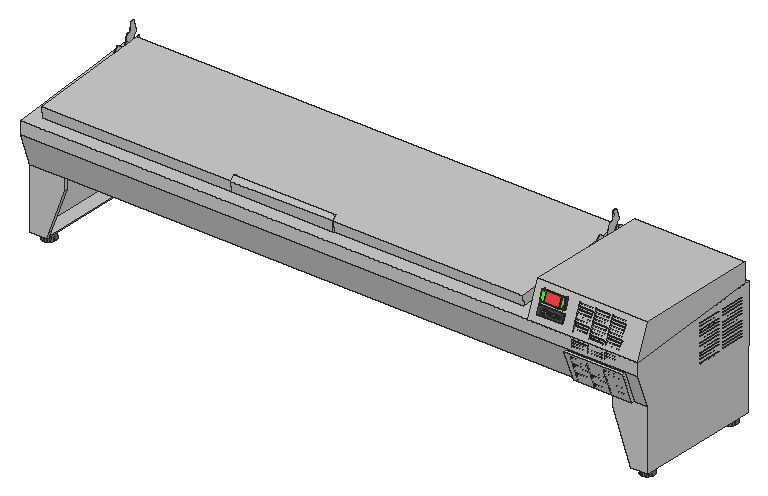
Revit family "QF_MACOM_CAB-3A", category Equipamento especial, Revit 2020
Family settings
  Cota do conector redondo = Utilizar diâmetro
  Tipo de parte = Normal
  Número OmniClass = 23.40.40.11.11.11
  Título OmniClass = Refrigerators
  Com base no plano de trabalho = Não
  Sempre na vertical = Sim
  Corte com vazios quando carregada = Não
  Compartilhado = Não
  Ponto de cálculo do ambiente = Não
Parameters (values of type "CAB-3A")
  Work Temperature = "-4 ºC to +5 ºC"
  Width = 1880 mm
  Weight = 94.00 kg
  Volume = 0.20 m³
  Volts = 220 V
  URL = "https://www.acosmacom.com.br/"
  Show Logo = yes
  Show Clearances = yes
  Refrigerent Type = "R134a"
  Refrigeration Climate Class = 4
  Operational Current = 2 A
  Modelo = "CAB-3A"
  Ingress Protection Code = "IP 22"
  Height = 440 mm
  Fabricante = "MACOM"
  Elevação padrão = 0 mm
  Electric Power = 307 W
  Electric Connection Height = 207 mm
  Descrição = "CABECOTE REFRIGERADO MACOM PARA 08 GN 1/3-100 COM 8 SUPORTES INTERNOS E PES 210MM"
  Depth = 420 mm
  Cycle = 60 Hz
Reference planes
  plane 1: z = 0
  plane 2 "Center (Left/Right)": x = 0
  plane 3: z = 203
  plane 4 "Center (Front/Back)": y = -335.5
  plane 5: z = 0
  plane 6: z = 440
  plane 7: y = -755.5
  plane 8: x = -1880
Forms (mm)
  Extrusion 1, solid, material "QF_Stainless-Polished", detail levels fine
    sketch origin (43.505, 10.214, 288.119) x (-0.000076, -0.367637, -0.92997) y (0, -0.92997, 0.367637)
      loop
        line (211.529, 699.088) -> (212.21, 700.425) -> (184.926, 714.326) -> (169.035, 709.163) -> (169.035, 708.274)
        arc (169.035, 708.274) -> (169.241, 707.87) -> (169.69, 707.799) r 0.5
        line (169.69, 707.799) -> (184.799, 712.708) -> (211.529, 699.088)
    from 999.901 to 1310
  Extrusion 2, solid, material "QF_Stainless-Polished", detail levels fine
    sketch origin (-1631.364, -718.444, -170.766) x (0.000076, 0.996195, 0.087156) y (-0.000007, -0.087156, 0.996195)
      loop
        line (418.717, 518.851) -> (418.717, 546.156)
        arc (418.717, 546.156) -> (418.524, 546.624) -> (418.056, 546.817) r 0.661
        line (418.056, 546.817) -> (415.226, 546.817)
        arc (415.226, 546.817) -> (410.624, 544.911) -> (408.717, 540.308) r 6.509
        line (408.717, 540.308) -> (408.717, 533.751)
        arc (408.717, 533.751) -> (403.717, 528.751) -> (398.717, 533.751) r 5
        line (398.717, 533.751) -> (398.449, 536.166)
        arc (398.449, 536.166) -> (397.284, 537.818) -> (395.266, 537.716) r 2.094
        arc (395.266, 537.716) -> (388.299, 539.052) -> (389.047, 546.106) r 5.24
        line (389.047, 546.106) -> (408.496, 565.555)
        arc (408.496, 565.555) -> (408.869, 566.165) -> (408.923, 566.879) r 1.525
        line (408.923, 566.879) -> (404.116, 596.307)
        arc (404.116, 596.307) -> (403.128, 598.057) -> (401.241, 598.751) r 2.913
        line (401.241, 598.751) -> (396.905, 598.751)
        arc (396.905, 598.751) -> (393.694, 597.584) -> (391.982, 594.628) r 5
        line (391.982, 594.628) -> (388.808, 576.817)
        arc (388.808, 576.817) -> (385.226, 571.904) -> (379.518, 574) r 5.047
        arc (379.518, 574) -> (378.287, 574.592) -> (377.2, 573.764) r 1.308
        line (377.2, 573.764) -> (361.717, 533.751)
        arc (361.717, 533.751) -> (356.717, 528.751) -> (351.717, 533.751) r 5
        line (351.717, 533.751) -> (351.717, 540.467)
        arc (351.717, 540.467) -> (350.195, 548.12) -> (345.859, 554.609) r 20
        line (345.859, 554.609) -> (341.119, 559.349)
        arc (341.119, 559.349) -> (339.068, 560.199) -> (337.017, 559.349) r 2.901
        line (337.017, 559.349) -> (310.545, 532.878)
        arc (310.545, 532.878) -> (309.192, 530.853) -> (308.717, 528.464) r 6.242
        line (308.717, 528.464) -> (308.717, 518.026) -> (418.717, 518.851)
    from -213.723 to -212.223
  Extrusion 3, solid, material "QF_Stainless-Polished", detail levels fine
    sketch origin (-0.495, 10.164, 287.985) x (-0.000076, -0.367637, -0.92997) y (0, -0.92997, 0.367637)
      loop
        circle (28.973, 391.913) r 4.549
      loop
        circle (52.084, 431.707) r 3.299
    from 1840.5 to 1845.959
  Extrusion 4, solid, material "QF_Stainless-Polished", detail levels fine
    sketch origin (1466.963, 10.174, 288.018) x (-0.000076, -0.367637, -0.92997) y (0, -0.92997, 0.367637)
      loop
        circle (28.973, 391.913) r 4.549
      loop
        circle (52.084, 431.707) r 3.299
    from 1840.5 to 1845.959
  Extrusion 5, solid, material "QF_Stainless-Polished", detail levels fine
    sketch origin (-163.29, -718.409, -170.763) x (0.000076, 0.996195, 0.087156) y (-0.000007, -0.087156, 0.996195)
      loop
        line (308.571, 518.102) -> (418.894, 518.86) -> (418.707, 546.12)
        arc (418.707, 546.12) -> (418.443, 546.625) -> (417.91, 546.827) r 0.803
        line (417.91, 546.827) -> (415.08, 546.827)
        arc (415.08, 546.827) -> (410.477, 544.921) -> (408.571, 540.318) r 6.509
        line (408.571, 540.318) -> (408.571, 533.761)
        arc (408.571, 533.761) -> (403.571, 529.285) -> (398.571, 533.761) r 5.031
        line (398.571, 533.761) -> (398.302, 536.176)
        arc (398.302, 536.176) -> (397.106, 537.762) -> (395.119, 537.725) r 2.187
        arc (395.119, 537.725) -> (388.392, 539.239) -> (388.9, 546.115) r 5.279
        line (388.9, 546.115) -> (408.349, 565.564)
        arc (408.349, 565.564) -> (408.723, 566.175) -> (408.776, 566.889) r 1.525
        line (408.776, 566.889) -> (403.97, 596.317)
        arc (403.97, 596.317) -> (402.981, 598.067) -> (401.095, 598.761) r 2.913
        line (401.095, 598.761) -> (396.758, 598.761)
        arc (396.758, 598.761) -> (393.646, 597.541) -> (391.995, 594.635) r 5.007
        line (391.995, 594.635) -> (388.827, 576.863)
        arc (388.827, 576.863) -> (385.153, 571.944) -> (379.372, 574.01) r 5.166
        arc (379.372, 574.01) -> (378.175, 574.565) -> (377.13, 573.76) r 1.272
        line (377.13, 573.76) -> (361.716, 533.924)
        arc (361.716, 533.924) -> (356.679, 528.886) -> (351.641, 533.924) r 5.038
        line (351.641, 533.924) -> (351.641, 540.406)
        arc (351.641, 540.406) -> (350.119, 548.058) -> (345.785, 554.546) r 19.999
        line (345.785, 554.546) -> (340.973, 559.359)
        arc (340.973, 559.359) -> (338.922, 560.209) -> (336.87, 559.359) r 2.901
        line (336.87, 559.359) -> (310.399, 532.888)
        arc (310.399, 532.888) -> (309.046, 530.863) -> (308.571, 528.474) r 6.242
        line (308.571, 528.474) -> (308.571, 518.102)
    from -213.723 to -212.223
  Extrusion 6, solid, material "QF_Metal_Stainless Steel-Polished"
    sketch origin (0, 0, 0) x (0, 1, 0) y (0, 0, 1)
      loop
        line (-717.995, 23.655) -> (-335.5, 23.655) -> (-335.5, 383.654) -> (-755.5, 344) -> (-755.5, 304.907) -> (-717.995, 207.655) -> (-717.995, 23.655)
    from 0 to -1880
  Extrusion 7, void
    sketch origin (0, -717.995, 207.655) x (0, 0, 1) y (1, 0, 0)
      loop
        line (-184, -1829.984) -> (-35.759, -1774.894) -> (0, -1774.894) -> (0, -105.495) -> (-36.078, -105.495) -> (-184, -50.524) -> (-184, -1829.984)
    from 0 to 382.495
  Extrusion 8, void
    sketch origin (0, 0, 0) x (0, 1, 0) y (0, 0, 1)
      loop
        line (-340.493, 25.155) -> (-340.493, 207.655) -> (-710.144, 207.655) -> (-710.144, 25.155) -> (-340.493, 25.155)
    from -5.51 to -1874.51
  Extrusion 9, solid, material "QF_Metal_Stainless Steel-Polished"
    sketch origin (0, 0, 0) x (0, 1, 0) y (0, 0, 1)
      loop
        line (-349.118, 440) -> (-717.975, 440) -> (-755.5, 344) -> (-349.118, 382.368) -> (-349.118, 440)
    from 0 to -336.011
  Extrusion 10, solid, material "QF_Metal_Stainless Steel-Polished"
    sketch origin (-1880, 136.861, 596.979) x (0, -0.367637, -0.92997) y (0, -0.92997, 0.367637)
      loop
        line (380.407, 379.929) -> (545.206, 703.364) -> (518.567, 716.938) -> (353.768, 393.502) -> (380.407, 379.929)
    from -38.507 to -1500.996
  Extrusion 11, void
    sketch origin (-1841.493, 136.861, 596.979) x (0, 0.367637, 0.92997) y (0, -0.92997, 0.367637)
      loop
        line (-384.947, 388.839) -> (-383.702, 389.474) -> (-377.352, 392.709) -> (-533.07, 698.324) -> (-539.42, 695.089) -> (-540.666, 694.454) -> (-384.947, 388.839)
    from 9.999 to 1451.999
  Extrusion 12, void
    sketch origin (0, 0, 0) x (0, -1, 0) y (0, 0, 1)
      loop
        line (525.652, 351.176) -> (445.651, 351.176) -> (445.651, 346.176) -> (525.652, 346.176) -> (525.652, 351.176)
      loop
        line (525.651, 342.176) -> (445.652, 342.176) -> (445.652, 337.176) -> (525.651, 337.176) -> (525.651, 342.176)
      loop
        line (525.652, 333.176) -> (445.652, 333.176) -> (445.652, 328.176) -> (525.652, 328.176) -> (525.652, 333.176)
      loop
        line (525.651, 324.176) -> (445.651, 324.176) -> (445.651, 319.176) -> (525.651, 319.176) -> (525.651, 324.176)
      loop
        line (525.651, 315.176) -> (445.652, 315.176) -> (445.652, 310.176) -> (525.651, 310.176) -> (525.651, 315.176)
      loop
        line (525.652, 306.176) -> (445.651, 306.176) -> (445.651, 301.176) -> (525.652, 301.176) -> (525.652, 306.176)
      loop
        line (525.651, 297.176) -> (445.651, 297.176) -> (445.651, 292.176) -> (525.651, 292.176) -> (525.651, 297.176)
      loop
        line (525.651, 288.176) -> (445.652, 288.176) -> (445.652, 283.176) -> (525.651, 283.176) -> (525.651, 288.176)
      loop
        line (525.652, 279.176) -> (445.652, 279.176) -> (445.652, 274.176) -> (525.652, 274.176) -> (525.652, 279.176)
      loop
        line (525.652, 270.176) -> (445.652, 270.176) -> (445.652, 265.176) -> (525.652, 265.176) -> (525.652, 270.176)
      loop
        line (525.651, 261.176) -> (445.651, 261.176) -> (445.651, 256.176) -> (525.651, 256.176) -> (525.651, 261.176)
      loop
        line (525.651, 252.176) -> (445.651, 252.176) -> (445.651, 247.176) -> (525.651, 247.176) -> (525.651, 252.176)
      loop
        line (525.652, 243.176) -> (445.652, 243.176) -> (445.652, 238.176) -> (525.652, 238.176) -> (525.652, 243.176)
      loop
        line (435.652, 351.176) -> (355.652, 351.176) -> (355.652, 346.176) -> (435.652, 346.176) -> (435.652, 351.176)
      loop
        line (355.652, 342.176) -> (355.652, 337.176) -> (435.651, 337.176) -> (435.651, 342.176) -> (355.652, 342.176)
      loop
        line (435.652, 333.176) -> (355.651, 333.176) -> (355.651, 328.176) -> (435.652, 328.176) -> (435.652, 333.176)
      loop
        line (435.651, 324.176) -> (355.651, 324.176) -> (355.651, 319.176) -> (435.651, 319.176) -> (435.651, 324.176)
      loop
        line (435.652, 315.176) -> (355.652, 315.176) -> (355.652, 310.176) -> (435.652, 310.176) -> (435.652, 315.176)
      loop
        line (435.652, 306.176) -> (355.652, 306.176) -> (355.652, 301.176) -> (435.652, 301.176) -> (435.652, 306.176)
      loop
        line (435.651, 297.176) -> (355.652, 297.176) -> (355.652, 292.176) -> (435.651, 292.176) -> (435.651, 297.176)
      loop
        line (435.652, 288.176) -> (355.651, 288.176) -> (355.651, 283.176) -> (435.652, 283.176) -> (435.652, 288.176)
      loop
        line (435.651, 279.176) -> (355.652, 279.176) -> (355.652, 274.176) -> (435.651, 274.176) -> (435.651, 279.176)
      loop
        line (435.651, 270.176) -> (355.652, 270.176) -> (355.652, 265.176) -> (435.651, 265.176) -> (435.651, 270.176)
      loop
        line (435.651, 261.176) -> (355.652, 261.176) -> (355.652, 256.176) -> (435.651, 256.176) -> (435.651, 261.176)
      loop
        line (355.651, 247.176) -> (435.652, 247.176) -> (435.652, 252.176) -> (355.651, 252.176) -> (355.651, 247.176)
      loop
        line (355.652, 238.176) -> (435.652, 238.176) -> (435.652, 243.176) -> (355.652, 243.176) -> (355.652, 238.176)
    from 0 to 2
  Extrusion 13, void
    sketch origin (0, -755.5, 344) x (0, -0.364063, -0.931374) y (-1, 0, 0)
      loop
        line (-86.756, 202.025) -> (-86.756, 157.025) -> (-82.755, 157.025) -> (-82.755, 202.025) -> (-86.756, 202.025)
      loop
        line (-86.968, 152.024) -> (-86.968, 107.025) -> (-82.754, 107.025) -> (-82.754, 152.024) -> (-86.968, 152.024)
      loop
        line (-86.753, 102.025) -> (-86.753, 57.025) -> (-82.752, 57.025) -> (-82.752, 102.025) -> (-86.753, 102.025)
      loop
        line (-78.97, 202.025) -> (-78.97, 157.025) -> (-74.756, 157.025) -> (-74.756, 202.025) -> (-78.97, 202.025)
      loop
        line (-78.755, 152.025) -> (-78.755, 107.025) -> (-74.754, 107.025) -> (-74.754, 152.025) -> (-78.755, 152.025)
      loop
        line (-78.754, 102.025) -> (-78.754, 57.025) -> (-74.753, 57.025) -> (-74.753, 102.025) -> (-78.754, 102.025)
      loop
        line (-70.757, 202.026) -> (-70.757, 157.025) -> (-66.756, 157.025) -> (-66.756, 202.026) -> (-70.757, 202.026)
      loop
        line (-70.969, 152.025) -> (-70.969, 107.026) -> (-66.755, 107.026) -> (-66.755, 152.025) -> (-70.969, 152.025)
      loop
        line (-70.755, 102.026) -> (-70.755, 57.026) -> (-66.754, 57.026) -> (-66.754, 102.026) -> (-70.755, 102.026)
      loop
        line (-62.971, 202.025) -> (-62.971, 157.025) -> (-58.757, 157.025) -> (-58.757, 202.025) -> (-62.971, 202.025)
      loop
        line (-62.97, 152.025) -> (-62.97, 107.025) -> (-58.756, 107.025) -> (-58.756, 152.025) -> (-62.97, 152.025)
      loop
        line (-62.755, 102.026) -> (-62.755, 57.025) -> (-58.754, 57.025) -> (-58.754, 102.026) -> (-62.755, 102.026)
      loop
        line (-54.758, 202.026) -> (-54.758, 157.025) -> (-50.758, 157.025) -> (-50.758, 202.026) -> (-54.758, 202.026)
      loop
        line (-54.757, 152.026) -> (-54.757, 107.026) -> (-50.756, 107.026) -> (-50.756, 152.026) -> (-54.757, 152.026)
      loop
        line (-54.756, 102.026) -> (-54.756, 57.025) -> (-50.755, 57.025) -> (-50.755, 102.026) -> (-54.756, 102.026)
      loop
        line (-46.759, 202.026) -> (-46.759, 157.026) -> (-42.758, 157.026) -> (-42.758, 202.026) -> (-46.759, 202.026)
      loop
        line (-46.758, 152.026) -> (-46.758, 107.026) -> (-42.757, 107.026) -> (-42.757, 152.026) -> (-46.758, 152.026)
      loop
        line (-46.756, 102.026) -> (-46.756, 57.026) -> (-42.755, 57.026) -> (-42.755, 102.026) -> (-46.756, 102.026)
      loop
        line (-38.76, 202.026) -> (-38.76, 157.026) -> (-34.759, 157.026) -> (-34.759, 202.026) -> (-38.76, 202.026)
      loop
        line (-38.758, 152.026) -> (-38.758, 107.026) -> (-34.757, 107.026) -> (-34.757, 152.026) -> (-38.758, 152.026)
      loop
        line (-38.757, 102.026) -> (-38.757, 57.026) -> (-34.756, 57.026) -> (-34.756, 102.026) -> (-38.757, 102.026)
      loop
        line (-30.76, 202.027) -> (-30.76, 157.027) -> (-26.759, 157.027) -> (-26.759, 202.027) -> (-30.76, 202.027)
      loop
        line (-30.759, 152.027) -> (-30.759, 107.026) -> (-26.758, 107.026) -> (-26.758, 152.027) -> (-30.759, 152.027)
      loop
        line (-30.758, 102.027) -> (-30.758, 57.026) -> (-26.757, 57.026) -> (-26.757, 102.027) -> (-30.758, 102.027)
      loop
        line (-22.761, 202.027) -> (-22.761, 157.026) -> (-18.76, 157.026) -> (-18.76, 202.027) -> (-22.761, 202.027)
      loop
        line (-22.759, 152.027) -> (-22.759, 107.026) -> (-18.759, 107.026) -> (-18.759, 152.027) -> (-22.759, 152.027)
      loop
        line (-22.758, 102.027) -> (-22.758, 57.026) -> (-18.757, 57.026) -> (-18.757, 102.027) -> (-22.758, 102.027)
      loop
        line (-14.761, 202.027) -> (-14.761, 157.027) -> (-10.761, 157.027) -> (-10.761, 202.027) -> (-14.761, 202.027)
      loop
        line (-14.76, 152.027) -> (-14.76, 107.027) -> (-10.759, 107.027) -> (-10.759, 152.027) -> (-14.76, 152.027)
      loop
        line (-14.759, 102.027) -> (-14.759, 57.027) -> (-10.758, 57.027) -> (-10.758, 102.027) -> (-14.759, 102.027)
    from 0 to 2
  Extrusion 14, solid, material "QF_Metal_Stainless Steel-Polished"
    sketch origin (0, 0, 0) x (0, 1, 0) y (0, 0, 1)
      loop
        line (-754.309, 301.819) -> (-762.706, 298.58) -> (-727.357, 206.916) -> (-718.959, 210.155) -> (-754.309, 301.819)
    from -218.784 to -40.784
  Extrusion 15, void
    sketch origin (0, -727.357, 206.916) x (0, 0.359817, -0.933023) y (-1, 0, 0)
      loop
        line (-11.219, 202.275) -> (-11.219, 157.275) -> (-7.221, 157.275) -> (-7.221, 202.275) -> (-11.219, 202.275)
      loop
        line (-11.22, 152.275) -> (-11.22, 107.275) -> (-7.222, 107.275) -> (-7.222, 152.275) -> (-11.22, 152.275)
      loop
        line (-11.193, 102.275) -> (-11.193, 57.275) -> (-7.195, 57.275) -> (-7.195, 102.275) -> (-11.193, 102.275)
      loop
        line (-19.192, 102.275) -> (-19.192, 57.275) -> (-15.194, 57.275) -> (-15.194, 102.275) -> (-19.192, 102.275)
      loop
        line (-27.19, 102.275) -> (-27.19, 57.276) -> (-23.192, 57.276) -> (-23.192, 102.275) -> (-27.19, 102.275)
      loop
        line (-35.218, 102.276) -> (-35.218, 57.276) -> (-31.219, 57.276) -> (-31.219, 102.276) -> (-35.218, 102.276)
      loop
        line (-43.216, 102.276) -> (-43.216, 57.276) -> (-39.218, 57.276) -> (-39.218, 102.276) -> (-43.216, 102.276)
      loop
        line (-51.215, 102.276) -> (-51.215, 57.276) -> (-47.217, 57.276) -> (-47.217, 102.276) -> (-51.215, 102.276)
      loop
        line (-59.213, 102.276) -> (-59.213, 57.276) -> (-55.215, 57.276) -> (-55.215, 102.276) -> (-59.213, 102.276)
      loop
        line (-67.212, 102.277) -> (-67.212, 57.277) -> (-63.214, 57.277) -> (-63.214, 102.277) -> (-67.212, 102.277)
      loop
        line (-75.21, 102.277) -> (-75.21, 57.277) -> (-71.212, 57.277) -> (-71.212, 102.277) -> (-75.21, 102.277)
      loop
        line (-83.18, 102.277) -> (-83.18, 57.277) -> (-79.211, 57.277) -> (-79.211, 102.277) -> (-83.18, 102.277)
      loop
        line (-91.207, 102.277) -> (-91.207, 57.277) -> (-87.209, 57.277) -> (-87.209, 102.277) -> (-91.207, 102.277)
      loop
        line (-91.178, 152.277) -> (-91.178, 107.277) -> (-87.208, 107.277) -> (-87.208, 152.277) -> (-91.178, 152.277)
      loop
        line (-92.168, 202.026) -> (-92.168, 157.277) -> (-87.207, 157.277) -> (-87.207, 202.026) -> (-92.168, 202.026)
      loop
        line (-83.206, 202.277) -> (-83.206, 157.277) -> (-79.208, 157.277) -> (-79.208, 202.277) -> (-83.206, 202.277)
      loop
        line (-75.208, 202.277) -> (-75.208, 157.277) -> (-71.209, 157.277) -> (-71.209, 202.277) -> (-75.208, 202.277)
      loop
        line (-83.207, 152.277) -> (-83.207, 107.277) -> (-79.209, 107.277) -> (-79.209, 152.277) -> (-83.207, 152.277)
      loop
        line (-75.209, 152.277) -> (-75.209, 107.277) -> (-71.211, 107.277) -> (-71.211, 152.277) -> (-75.209, 152.277)
      loop
        line (-67.182, 152.277) -> (-67.182, 107.277) -> (-63.212, 107.277) -> (-63.212, 152.277) -> (-67.182, 152.277)
      loop
        line (-59.212, 152.276) -> (-59.212, 107.276) -> (-55.214, 107.276) -> (-55.214, 152.276) -> (-59.212, 152.276)
      loop
        line (-51.213, 152.276) -> (-51.213, 107.276) -> (-47.187, 107.276) -> (-47.187, 152.276) -> (-51.213, 152.276)
      loop
        line (-43.186, 152.276) -> (-43.186, 107.276) -> (-39.217, 107.276) -> (-39.217, 152.276) -> (-43.186, 152.276)
      loop
        line (-35.188, 152.276) -> (-35.188, 107.276) -> (-31.19, 107.276) -> (-31.19, 152.276) -> (-35.188, 152.276)
      loop
        line (-27.189, 152.275) -> (-27.189, 107.275) -> (-23.22, 107.275) -> (-23.22, 152.275) -> (-27.189, 152.275)
      loop
        line (-19.191, 152.275) -> (-19.191, 107.275) -> (-15.192, 107.275) -> (-15.192, 152.275) -> (-19.191, 152.275)
      loop
        line (-67.209, 202.277) -> (-67.209, 157.277) -> (-63.211, 157.277) -> (-63.211, 202.277) -> (-67.209, 202.277)
      loop
        line (-59.182, 202.276) -> (-59.182, 157.276) -> (-55.212, 157.276) -> (-55.212, 202.276) -> (-59.182, 202.276)
      loop
        line (-51.212, 202.276) -> (-51.212, 157.276) -> (-47.185, 157.276) -> (-47.185, 202.276) -> (-51.212, 202.276)
      loop
        line (-43.213, 202.276) -> (-43.213, 157.276) -> (-39.215, 157.276) -> (-39.215, 202.276) -> (-43.213, 202.276)
      loop
        line (-35.215, 202.276) -> (-35.215, 157.276) -> (-31.188, 157.276) -> (-31.188, 202.276) -> (-35.215, 202.276)
      loop
        line (-27.188, 202.275) -> (-27.188, 157.275) -> (-23.218, 157.275) -> (-23.218, 202.275) -> (-27.188, 202.275)
      loop
        line (-19.218, 202.275) -> (-19.218, 157.275) -> (-15.191, 157.275) -> (-15.191, 202.275) -> (-19.218, 202.275)
    from 0 to 2
  Extrusion 16, void
    sketch origin (0, -755.5, 304.907) x (0, 0, -1) y (-1, 0, 0)
      loop
        line (-32.284, 202.027) -> (-32.284, 157.027) -> (-28.284, 157.027) -> (-28.284, 202.027) -> (-32.284, 202.027)
      loop
        line (-24.284, 202.027) -> (-24.284, 157.027) -> (-20.284, 157.027) -> (-20.284, 202.027) -> (-24.284, 202.027)
      loop
        line (-16.284, 202.027) -> (-16.284, 157.027) -> (-12.284, 157.027) -> (-12.284, 202.027) -> (-16.284, 202.027)
      loop
        line (-32.284, 152.027) -> (-32.284, 107.027) -> (-28.284, 107.027) -> (-28.284, 152.027) -> (-32.284, 152.027)
      loop
        line (-24.284, 152.027) -> (-24.284, 107.027) -> (-20.284, 107.027) -> (-20.284, 152.027) -> (-24.284, 152.027)
      loop
        line (-16.284, 152.027) -> (-16.284, 107.027) -> (-12.284, 107.027) -> (-12.284, 152.027) -> (-16.284, 152.027)
      loop
        line (-32.284, 102.027) -> (-32.284, 57.027) -> (-28.284, 57.027) -> (-28.284, 102.027) -> (-32.284, 102.027)
      loop
        line (-24.284, 102.027) -> (-24.284, 57.027) -> (-20.284, 57.027) -> (-20.284, 102.027) -> (-24.284, 102.027)
      loop
        line (-16.284, 102.027) -> (-16.284, 57.027) -> (-12.284, 57.027) -> (-12.284, 102.027) -> (-16.284, 102.027)
    from 0 to 2
  Extrusion 17, void
    sketch origin (0, -335.5, 23.655) x (0, 0, -1) y (1, 0, 0)
      loop
        line (-327.521, -24.995) -> (-327.521, -104.995) -> (-322.521, -104.995) -> (-322.521, -24.995) -> (-327.521, -24.995)
      loop
        line (-318.521, -24.995) -> (-318.521, -104.995) -> (-313.521, -104.995) -> (-313.521, -24.995) -> (-318.521, -24.995)
      loop
        line (-309.521, -24.995) -> (-309.521, -104.995) -> (-304.521, -104.995) -> (-304.521, -24.995) -> (-309.521, -24.995)
      loop
        line (-300.521, -24.995) -> (-300.521, -104.995) -> (-295.521, -104.995) -> (-295.521, -24.995) -> (-300.521, -24.995)
      loop
        line (-291.521, -24.995) -> (-291.521, -104.995) -> (-286.521, -104.995) -> (-286.521, -24.995) -> (-291.521, -24.995)
      loop
        line (-282.521, -24.995) -> (-282.521, -104.995) -> (-277.521, -104.995) -> (-277.521, -24.995) -> (-282.521, -24.995)
      loop
        line (-273.521, -24.995) -> (-273.521, -104.995) -> (-268.521, -104.995) -> (-268.521, -24.995) -> (-273.521, -24.995)
      loop
        line (-264.521, -24.995) -> (-264.521, -104.995) -> (-259.521, -104.995) -> (-259.521, -24.995) -> (-264.521, -24.995)
      loop
        line (-255.521, -24.995) -> (-255.521, -104.995) -> (-250.521, -104.995) -> (-250.521, -24.995) -> (-255.521, -24.995)
      loop
        line (-246.521, -24.995) -> (-246.521, -104.995) -> (-241.521, -104.995) -> (-241.521, -24.995) -> (-246.521, -24.995)
      loop
        line (-237.521, -24.995) -> (-237.521, -104.995) -> (-232.521, -104.995) -> (-232.521, -24.995) -> (-237.521, -24.995)
      loop
        line (-228.521, -24.995) -> (-228.521, -104.995) -> (-223.521, -104.995) -> (-223.521, -24.995) -> (-228.521, -24.995)
      loop
        line (-219.521, -24.995) -> (-219.521, -104.995) -> (-214.521, -104.995) -> (-214.521, -24.995) -> (-219.521, -24.995)
      loop
        line (-327.521, -114.995) -> (-327.521, -194.995) -> (-322.521, -194.995) -> (-322.521, -114.995) -> (-327.521, -114.995)
      loop
        line (-318.521, -114.995) -> (-318.521, -194.995) -> (-313.521, -194.995) -> (-313.521, -114.995) -> (-318.521, -114.995)
      loop
        line (-309.521, -114.995) -> (-309.521, -194.995) -> (-304.521, -194.995) -> (-304.521, -114.995) -> (-309.521, -114.995)
      loop
        line (-300.521, -114.995) -> (-300.521, -194.995) -> (-295.521, -194.995) -> (-295.521, -114.995) -> (-300.521, -114.995)
      loop
        line (-291.521, -114.995) -> (-291.521, -194.995) -> (-286.521, -194.995) -> (-286.521, -114.995) -> (-291.521, -114.995)
      loop
        line (-282.521, -114.995) -> (-282.521, -194.995) -> (-277.521, -194.995) -> (-277.521, -114.995) -> (-282.521, -114.995)
      loop
        line (-273.521, -114.995) -> (-273.521, -194.995) -> (-268.521, -194.995) -> (-268.521, -114.995) -> (-273.521, -114.995)
      loop
        line (-264.521, -114.995) -> (-264.521, -194.995) -> (-259.521, -194.995) -> (-259.521, -114.995) -> (-264.521, -114.995)
      loop
        line (-250.521, -114.995) -> (-255.521, -114.995) -> (-255.521, -194.995) -> (-250.521, -194.995) -> (-250.521, -114.995)
      loop
        line (-246.521, -114.995) -> (-246.521, -194.995) -> (-241.521, -194.995) -> (-241.521, -114.995) -> (-246.521, -114.995)
      loop
        line (-237.521, -114.995) -> (-237.521, -194.995) -> (-232.521, -194.995) -> (-232.521, -114.995) -> (-237.521, -114.995)
      loop
        line (-228.521, -114.995) -> (-228.521, -194.995) -> (-223.521, -194.995) -> (-223.521, -114.995) -> (-228.521, -114.995)
      loop
        line (-219.521, -114.995) -> (-219.521, -194.995) -> (-214.521, -194.995) -> (-214.521, -114.995) -> (-219.521, -114.995)
      loop
        line (-327.521, -204.995) -> (-327.521, -284.995) -> (-322.521, -284.995) -> (-322.521, -204.995) -> (-327.521, -204.995)
      loop
        line (-318.521, -204.995) -> (-318.521, -284.995) -> (-313.521, -284.995) -> (-313.521, -204.995) -> (-318.521, -204.995)
      loop
        line (-309.521, -204.995) -> (-309.521, -284.995) -> (-304.521, -284.995) -> (-304.521, -204.995) -> (-309.521, -204.995)
      loop
        line (-300.521, -204.995) -> (-300.521, -284.995) -> (-295.521, -284.995) -> (-295.521, -204.995) -> (-300.521, -204.995)
      loop
        line (-291.521, -204.995) -> (-291.521, -284.995) -> (-286.521, -284.995) -> (-286.521, -204.995) -> (-291.521, -204.995)
      loop
        line (-282.521, -204.995) -> (-282.521, -284.995) -> (-277.521, -284.995) -> (-277.521, -204.995) -> (-282.521, -204.995)
      loop
        line (-273.521, -204.995) -> (-273.521, -284.995) -> (-268.521, -284.995) -> (-268.521, -204.995) -> (-273.521, -204.995)
      loop
        line (-264.521, -204.995) -> (-264.521, -284.995) -> (-259.521, -284.995) -> (-259.521, -204.995) -> (-264.521, -204.995)
      loop
        line (-255.521, -204.995) -> (-255.521, -284.995) -> (-250.521, -284.995) -> (-250.521, -204.995) -> (-255.521, -204.995)
      loop
        line (-246.521, -204.995) -> (-246.521, -284.995) -> (-241.521, -284.995) -> (-241.521, -204.995) -> (-246.521, -204.995)
      loop
        line (-237.521, -204.995) -> (-237.521, -284.995) -> (-232.521, -284.995) -> (-232.521, -204.995) -> (-237.521, -204.995)
      loop
        line (-228.521, -204.995) -> (-228.521, -284.995) -> (-223.521, -284.995) -> (-223.521, -204.995) -> (-228.521, -204.995)
      loop
        line (-219.521, -204.995) -> (-219.521, -284.995) -> (-214.521, -284.995) -> (-214.521, -204.995) -> (-219.521, -204.995)
    from 0 to 2
  Extrusion 18, solid, material "QF_Clearances", visible <- "Show Clearances", detail levels coarse
    sketch origin (-1841.493, 136.861, 596.979) x (0, -0.367637, -0.92997) y (0, -0.92997, 0.367637)
      loop
        line (380.407, 379.929) -> (546.114, 705.147)
        arc (546.114, 705.147) -> (334.566, 742.039) -> (138.885, 653.593) r 365
        line (138.885, 653.593) -> (380.407, 379.929)
    from -1461.987 to 2
  Extrusion 19, solid, material "QF_Metal_Stainless Steel-Polished"
    sketch origin (-1774.894, -717.995, 207.655) x (0, -1, 0) y (-1, 0, 0)
      loop
        circle (-362.495, -1709.894) r 9.525
    from 0 to 6.35
Cuts and joins
  joined: Extrusion 1, Extrusion 2, Extrusion 3, Extrusion 4, Extrusion 5
  Extrusion 7, Extrusion 8, Extrusion 12, Extrusion 16, Extrusion 17 cuts Extrusion 6
  Extrusion 11 cuts Extrusion 10
  Extrusion 13 cuts Extrusion 9
  Extrusion 15 cuts Extrusion 14
Lines and regions (mm)
  symbolic lines
    curve 1: line (-1880, -335.5, 0) -> (0, -335.5, 0)
    curve 2: line (-1880, -755.5, 0) -> (-1880, -335.5, 0)
    curve 3: line (0, -755.5, 0) -> (-1880, -755.5, 0)
    curve 4: line (0, -335.5, 0) -> (0, -755.5, 0)
    curve 5: line (-40.784, -762.706, 0) -> (-218.784, -762.706, 0)
    curve 6: line (-40.784, -755.5, 0) -> (-40.784, -762.706, 0)
    curve 7: line (-218.784, -755.5, 0) -> (-40.784, -755.5, 0)
    curve 8: line (-218.784, -762.706, 0) -> (-218.784, -755.5, 0)
    curve 9: line (-336.011, -755.5, 0) -> (0, -755.5, 0)
    curve 10: line (-336.011, -717.995, 0) -> (-336.011, -755.5, 0)
    curve 11: line (0, -717.995, 0) -> (-336.011, -717.995, 0)
    curve 12: line (0, -755.5, 0) -> (0, -717.995, 0)
    curve 13: line (-336.011, -717.995, 0) -> (0, -717.995, 0)
    curve 14: line (-336.011, -349.118, 0) -> (-336.011, -717.995, 0)
    curve 15: line (0, -349.118, 0) -> (-336.011, -349.118, 0)
    curve 16: line (0, -717.995, 0) -> (0, -349.118, 0)
    curve 17: line (-1829.984, -338.476, 0) -> (-379.004, -338.476, 0)
    curve 18: line (-1829.984, -545.206, 0) -> (-1829.984, -338.476, 0)
    curve 19: line (-379.004, -545.206, 0) -> (-1829.984, -545.206, 0)
    curve 20: line (-379.004, -338.476, 0) -> (-379.004, -545.206, 0)
    curve 21: line (-1266.508, -502.725, 0) -> (-956.412, -502.725, 0)
    curve 22: line (-1266.508, -545.206, 0) -> (-1266.508, -502.725, 0)
    curve 23: line (-956.412, -502.725, 0) -> (-956.412, -545.206, 0)
    curve 24: line (-395.099, -545.206, 0) -> (-395.099, -688.595, 0)
    curve 25: arc (-395.099, -688.595, 0) -> (-400.09, -700.576, 0) -> (-412.111, -705.468, 0) r 16.873
    curve 26: line (-412.111, -705.468, 0) -> (-561.71, -705.468, 0)
    curve 27: arc (-561.71, -705.468, 0) -> (-573.638, -700.499, 0) -> (-578.51, -688.532, 0) r 16.801
    curve 28: line (-578.51, -688.532, 0) -> (-578.51, -545.206, 0)
    curve 29: line (-578.849, -545.206, 0) -> (-578.849, -688.544, 0)
    curve 30: arc (-578.849, -688.544, 0) -> (-583.838, -700.537, 0) -> (-595.861, -705.454, 0) r 16.91
    curve 31: line (-595.861, -705.454, 0) -> (-745.367, -705.454, 0)
    curve 32: arc (-745.367, -705.454, 0) -> (-757.378, -700.441, 0) -> (-762.26, -688.376, 0) r 16.894
    curve 33: line (-779.261, -705.44, 0) -> (-928.707, -705.44, 0)
    curve 34: arc (-928.707, -705.44, 0) -> (-940.739, -700.43, 0) -> (-945.66, -688.361, 0) r 16.953
    curve 35: arc (-762.26, -688.376, 0) -> (-767.217, -700.438, 0) -> (-779.261, -705.44, 0) r 17.001
    curve 36: line (-762.26, -688.376, 0) -> (-762.26, -545.206, 0)
    curve 37: line (-945.66, -688.361, 0) -> (-945.66, -545.206, 0)
    curve 38: line (-962.661, -705.426, 0) -> (-1111.557, -705.426, 0)
    curve 39: arc (-1111.557, -705.426, 0) -> (-1123.784, -700.449, 0) -> (-1129.06, -688.347, 0) r 17.508
    curve 40: line (-1146.061, -705.412, 0) -> (-1295.637, -705.412, 0)
    curve 41: arc (-945.66, -688.361, 0) -> (-950.617, -700.424, 0) -> (-962.661, -705.426, 0) r 17.001
    curve 42: arc (-1129.06, -688.347, 0) -> (-1134.017, -700.41, 0) -> (-1146.061, -705.412, 0) r 17.001
    curve 43: line (-1129.06, -688.347, 0) -> (-1129.06, -545.206, 0)
    curve 44: arc (-1295.637, -705.412, 0) -> (-1308.145, -699.978, 0) -> (-1312.71, -687.127, 0) r 17.113
    curve 45: line (-1312.71, -687.127, 0) -> (-1312.71, -545.206, 0)
    curve 46: line (-1330.711, -705.187, 0) -> (-1469.037, -705.187, 0)
    curve 47: arc (-1312.71, -687.127, 0) -> (-1317.961, -699.894, 0) -> (-1330.711, -705.187, 0) r 18.001
    curve 48: arc (-1469.037, -705.187, 0) -> (-1481.625, -699.919, 0) -> (-1486.71, -687.256, 0) r 17.674
    curve 49: line (-1486.71, -687.256, 0) -> (-1486.71, -562.256, 0)
    curve 50: arc (-1486.71, -562.256, 0) -> (-1483.7, -552.092, 0) -> (-1475.64, -545.206, 0) r 18.666
    curve 51: line (-1505.211, -705.031, 0) -> (-1643.051, -705.031, 0)
    curve 52: arc (-1643.051, -705.031, 0) -> (-1655.761, -699.842, 0) -> (-1661.21, -687.242, 0) r 18.163
    curve 53: line (-1661.21, -687.242, 0) -> (-1661.21, -561.443, 0)
    curve 54: arc (-1661.21, -561.443, 0) -> (-1658.242, -551.674, 0) -> (-1650.342, -545.206, 0) r 17.563
    curve 55: line (-1679.211, -705.159, 0) -> (-1817.436, -705.159, 0)
    curve 56: arc (-1661.21, -687.242, 0) -> (-1666.512, -699.916, 0) -> (-1679.211, -705.159, 0) r 18.001
    curve 57: arc (-1817.436, -705.159, 0) -> (-1830.11, -699.847, 0) -> (-1835.21, -687.086, 0) r 17.776
    curve 58: line (-1835.21, -687.086, 0) -> (-1835.21, -560.874, 0)
    curve 59: arc (-1835.21, -560.874, 0) -> (-1832.287, -551.395, 0) -> (-1824.535, -545.206, 0) r 16.837
    curve 60: arc (-1486.71, -687.256, 0) -> (-1492.383, -699.867, 0) -> (-1505.211, -705.031, 0) r 18.516
    curve 61: arc (-1324.068, -545.206, 0) -> (-1316.071, -551.339, 0) -> (-1312.71, -560.84, 0) r 17.724
    curve 62: arc (-1486.71, -562.256, 0) -> (-1489.991, -551.849, 0) -> (-1498.648, -545.206, 0) r 18.144
    curve 63: arc (-1661.21, -561.443, 0) -> (-1664.204, -551.65, 0) -> (-1672.162, -545.206, 0) r 17.512
    curve 64: line (-1814.204, -610.795, 0) -> (-1814.204, -632.098, 0)
    curve 65: arc (-1814.204, -632.098, 0) -> (-1748.011, -698.097, 0) -> (-1682.205, -631.711, 0) r 66
    curve 66: line (-1682.205, -631.711, 0) -> (-1682.205, -611.542, 0)
    curve 67: arc (-1682.205, -611.542, 0) -> (-1747.833, -545.541, 0) -> (-1814.204, -610.795, 0) r 66.001
    curve 68: line (-1640.204, -610.808, 0) -> (-1640.204, -632.71, 0)
    curve 69: arc (-1640.204, -632.71, 0) -> (-1573.708, -698.711, 0) -> (-1508.205, -631.724, 0) r 66.003
    curve 70: line (-1508.205, -631.724, 0) -> (-1508.205, -612.032, 0)
    curve 71: arc (-1508.205, -612.032, 0) -> (-1573.598, -546.03, 0) -> (-1640.204, -610.808, 0) r 66.005
    curve 72: line (-1465.704, -610.823, 0) -> (-1465.704, -632.551, 0)
    curve 73: arc (-1465.704, -632.551, 0) -> (-1399.296, -698.551, 0) -> (-1333.705, -631.738, 0) r 66.002
    curve 74: line (-1333.705, -631.738, 0) -> (-1333.705, -612.08, 0)
    curve 75: arc (-1333.705, -612.08, 0) -> (-1399.082, -546.078, 0) -> (-1465.704, -610.823, 0) r 66.005
    curve 76: line (-1306.449, -545.206, 0) -> (-1306.449, -623.226, 0)
    curve 77: arc (-1306.449, -623.226, 0) -> (-1288.405, -666.992, 0) -> (-1244.759, -685.325, 0) r 62.101
    curve 78: line (-1244.759, -685.325, 0) -> (-1195.44, -685.325, 0)
    curve 79: arc (-1195.44, -685.325, 0) -> (-1152.375, -667.274, 0) -> (-1135.055, -623.91, 0) r 60.393
    curve 80: line (-1135.055, -623.91, 0) -> (-1135.055, -545.206, 0)
    curve 81: line (-1123.049, -545.206, 0) -> (-1123.049, -624.573, 0)
    curve 82: arc (-1123.049, -624.573, 0) -> (-1104.924, -667.869, 0) -> (-1061.359, -685.339, 0) r 60.773
    curve 83: line (-1061.359, -685.339, 0) -> (-1011.359, -685.339, 0)
    curve 84: arc (-1011.359, -685.339, 0) -> (-968.533, -667.245, 0) -> (-951.655, -623.924, 0) r 59.729
    curve 85: line (-951.655, -623.924, 0) -> (-951.655, -545.206, 0)
    curve 86: line (-939.649, -545.206, 0) -> (-939.649, -625.206, 0)
    curve 87: arc (-939.649, -625.206, 0) -> (-921.485, -668.285, 0) -> (-877.959, -685.353, 0) r 60.167
    curve 88: line (-877.959, -685.353, 0) -> (-827.959, -685.353, 0)
    curve 89: arc (-827.959, -685.353, 0) -> (-785.133, -667.259, 0) -> (-768.255, -623.939, 0) r 59.729
    curve 90: line (-768.255, -623.939, 0) -> (-768.255, -545.206, 0)
    curve 91: line (-756.249, -545.206, 0) -> (-756.249, -625.206, 0)
    curve 92: arc (-756.249, -625.206, 0) -> (-738.085, -668.29, 0) -> (-694.559, -685.367, 0) r 60.18
    curve 93: line (-694.559, -685.367, 0) -> (-644.559, -685.367, 0)
    curve 94: arc (-644.559, -685.367, 0) -> (-601.733, -667.273, 0) -> (-584.855, -623.953, 0) r 59.729
    curve 95: line (-584.855, -623.953, 0) -> (-584.855, -545.206, 0)
    curve 96: line (-572.499, -545.206, 0) -> (-572.499, -625.206, 0)
    curve 97: arc (-572.499, -625.206, 0) -> (-554.336, -668.295, 0) -> (-510.809, -685.381, 0) r 60.194
    curve 98: line (-510.809, -685.381, 0) -> (-460.809, -685.381, 0)
    curve 99: arc (-460.809, -685.381, 0) -> (-417.983, -667.287, 0) -> (-401.105, -623.967, 0) r 59.729
    curve 100: line (-401.105, -623.967, 0) -> (-401.105, -545.206, 0)
Dimensions and locks
  locked: Extrusion 6 sketch curve to level at 344
  "Height": level to plane 6
  Extrusion 19 sketch curve to plane 2 "Center (Left/Right)" = 65 mm
  plane 4 "Center (Front/Back)" to Extrusion 19 sketch curve = 20 mm
  "Depth": plane 4 "Center (Front/Back)" to plane 7
  "Width": plane 2 "Center (Left/Right)" to plane 8
  aligned and locked: level to plane 1
  aligned and locked: plane 5 to nested 5
  aligned and locked: plane 5 to nested 3
  aligned and locked: plane 5 to nested 2
  aligned and locked: plane 5 to nested 4
  aligned and locked: plane 5 to level
  aligned and locked: Extrusion 8 sketch curve to cut or joined group of Extrusion 6, Extrusion 7, Extrusion 8, Extrusion 12, Extrusion 16, Extrusion 17
  aligned and locked: Extrusion 9 to cut or joined group of Extrusion 6, Extrusion 7, Extrusion 8, Extrusion 12, Extrusion 16, Extrusion 17  (x2)
  aligned and locked: Extrusion 9 to plane 6
  aligned and locked: Extrusion 5 sketch curve to cut or joined group of Extrusion 6, Extrusion 7, Extrusion 8, Extrusion 12, Extrusion 16, Extrusion 17
  aligned and locked: cut or joined group of Extrusion 6, Extrusion 7, Extrusion 8, Extrusion 12, Extrusion 16, Extrusion 17 to Extrusion 14 sketch curve
  aligned and locked: plane 8 to cut or joined group of Extrusion 6, Extrusion 7, Extrusion 8, Extrusion 12, Extrusion 16, Extrusion 17
  aligned and locked: plane 7 to cut or joined group of Extrusion 6, Extrusion 7, Extrusion 8, Extrusion 12, Extrusion 16, Extrusion 17
  aligned and locked: Extrusion 14 to cut or joined group of Extrusion 6, Extrusion 7, Extrusion 8, Extrusion 12, Extrusion 16, Extrusion 17
  aligned and locked: curve 5 to cut or joined group of Extrusion 14, Extrusion 15
  aligned and locked: curve 6 to cut or joined group of Extrusion 14, Extrusion 15
  aligned and locked: curve 7 to curve 3
  aligned and locked: curve 8 to cut or joined group of Extrusion 14, Extrusion 15
  aligned and locked: curve 11 to cut or joined group of Extrusion 6, Extrusion 7, Extrusion 8, Extrusion 12, Extrusion 16, Extrusion 17
  aligned and locked: curve 13 to curve 11
  aligned and locked: curve 14 to curve 10
  aligned and locked: curve 15 to cut or joined group of Extrusion 9, Extrusion 13
  aligned and locked: curve 16 to curve 4
  aligned and locked: Extrusion 6 to Extrusion 7
Automatic sketch dimensions
  plane 4 "Center (Front/Back)" to Extrusion 6 sketch curve = 0 mm
  Extrusion 6 sketch curve to Extrusion 6 sketch curve = 39.093 mm
  level to Extrusion 6 sketch curve = 23.655 mm
  plane 3 to Extrusion 6 sketch curve = 180.654 mm
  plane 3 to Extrusion 6 sketch curve = 4.655 mm
  Extrusion 7 sketch curve to Extrusion 6 = 0 mm  (x2)
  Extrusion 7 sketch curve to Extrusion 6 = 36.078 mm
  Extrusion 7 sketch curve to Extrusion 7 sketch curve = 35.759 mm
  Extrusion 7 sketch curve to Extrusion 6 = 105.106 mm
  Extrusion 7 sketch curve to Extrusion 6 = 105.495 mm
  Extrusion 7 sketch curve to Extrusion 6 = 50.016 mm
  Extrusion 7 sketch curve to Extrusion 6 = 50.524 mm
  Extrusion 8 sketch curve to plane 4 "Center (Front/Back)" = 4.993 mm
  level to Extrusion 8 sketch curve = 25.155 mm
  Extrusion 6 to Extrusion 9 sketch curve = 0 mm
  Extrusion 9 sketch curve to Extrusion 6 = 0 mm  (x2)
  Extrusion 9 sketch curve to Extrusion 6 = 13.618 mm
  Extrusion 9 sketch curve to Extrusion 6 = 0.021 mm
  Extrusion 9 sketch curve to Extrusion 9 sketch curve = 96 mm
  plane 6 to Extrusion 2 sketch curve = 57.406 mm
  Extrusion 2 sketch curve to Extrusion 2 sketch curve = 1.828 mm
  Extrusion 2 sketch curve to Extrusion 2 sketch curve = 4.413 mm
  Extrusion 2 sketch curve to Extrusion 2 sketch curve = 16.758 mm
  Extrusion 2 sketch curve to Extrusion 2 sketch curve = 5.299 mm
  Extrusion 2 sketch curve to Extrusion 2 sketch curve = 2.051 mm  (x3)
  Extrusion 2 sketch curve to Extrusion 2 sketch curve = 4.741 mm
  Extrusion 2 sketch curve to Extrusion 2 sketch curve = 5.858 mm
  Extrusion 2 sketch curve to Extrusion 2 sketch curve = 5 mm  (x2)
  Extrusion 2 sketch curve to Extrusion 2 sketch curve = 31.341 mm
  Extrusion 2 sketch curve to Extrusion 2 sketch curve = 1.219 mm
  Extrusion 2 sketch curve to Extrusion 2 sketch curve = 5.342 mm
  Extrusion 2 sketch curve to Extrusion 2 sketch curve = 5.047 mm
  Extrusion 2 sketch curve to Extrusion 2 sketch curve = 10.628 mm
  Extrusion 2 sketch curve to Extrusion 2 sketch curve = 3.175 mm
  Extrusion 2 sketch curve to Extrusion 2 sketch curve = 3.462 mm
  Extrusion 2 sketch curve to Extrusion 2 sketch curve = 3.858 mm
  Extrusion 2 sketch curve to Extrusion 2 sketch curve = 4.922 mm
  Extrusion 2 sketch curve to Extrusion 2 sketch curve = 2.081 mm
  Extrusion 2 sketch curve to Extrusion 2 sketch curve = 0.268 mm
  Extrusion 2 sketch curve to Extrusion 2 sketch curve = 4.336 mm
  Extrusion 2 sketch curve to Extrusion 2 sketch curve = 2.875 mm
  Extrusion 2 sketch curve to Extrusion 2 sketch curve = 18.61 mm
  Extrusion 2 sketch curve to Extrusion 2 sketch curve = 1.079 mm  (x2)
  Extrusion 2 sketch curve to Extrusion 2 sketch curve = 0.427 mm
  Extrusion 2 sketch curve to Extrusion 2 sketch curve = 6.509 mm
  Extrusion 2 sketch curve to Extrusion 2 sketch curve = 2.83 mm
  Extrusion 2 sketch curve to Extrusion 2 sketch curve = 0.661 mm
  Extrusion 2 sketch curve to Extrusion 2 sketch curve = 5.286 mm
  Extrusion 2 sketch curve to Extrusion 2 sketch curve = 0 mm
  Extrusion 2 sketch curve to Extrusion 2 sketch curve = 2.184 mm
  Extrusion 2 sketch curve to Extrusion 2 sketch curve = 0.231 mm
  Extrusion 2 sketch curve to Extrusion 2 sketch curve = 6.558 mm
  Extrusion 2 sketch curve to Extrusion 2 sketch curve = 12.002 mm
  Extrusion 2 sketch curve to Extrusion 2 sketch curve = 6.237 mm
  Extrusion 2 sketch curve to Extrusion 2 sketch curve = 3.934 mm
  Extrusion 2 sketch curve to Extrusion 2 sketch curve = 2.69 mm
  Extrusion 2 sketch curve to Extrusion 2 sketch curve = 18.737 mm
  Extrusion 2 sketch curve to Extrusion 2 sketch curve = 27.186 mm
  Extrusion 2 sketch curve to Extrusion 2 sketch curve = 0.472 mm
  Extrusion 2 sketch curve to Extrusion 2 sketch curve = 3.442 mm
  Extrusion 2 sketch curve to Extrusion 2 sketch curve = 0.083 mm
  Extrusion 2 sketch curve to Extrusion 2 sketch curve = 16.934 mm
  Extrusion 2 sketch curve to Extrusion 2 sketch curve = 0.877 mm
  Extrusion 2 sketch curve to Extrusion 2 sketch curve = 2.913 mm
  Extrusion 2 sketch curve to Extrusion 2 sketch curve = 14.899 mm
  Extrusion 2 sketch curve to Extrusion 2 sketch curve = 10.439 mm
  Extrusion 6 to Extrusion 12 sketch curve = 20.151 mm  (x3)
  Extrusion 12 sketch curve to Extrusion 12 sketch curve = 0 mm  (x44)
  Extrusion 12 sketch curve to Extrusion 12 sketch curve = 80 mm  (x2)
  Extrusion 12 sketch curve to Extrusion 12 sketch curve = 10 mm  (x4)
  Extrusion 6 to Extrusion 12 sketch curve = 214.522 mm
  Extrusion 12 sketch curve to Extrusion 12 sketch curve = 5 mm  (x26)
  Extrusion 12 sketch curve to Extrusion 12 sketch curve = 4 mm  (x24)
  Extrusion 9 to Extrusion 13 sketch curve = 16.106 mm
  Extrusion 13 sketch curve to Extrusion 13 sketch curve = 0.212 mm
  Extrusion 9 to Extrusion 13 sketch curve = 16.32 mm
  Extrusion 13 sketch curve to Extrusion 13 sketch curve = 4.001 mm  (x25)
  Extrusion 13 sketch curve to Extrusion 13 sketch curve = 4.214 mm  (x5)
  Extrusion 13 sketch curve to Extrusion 13 sketch curve = 3.785 mm  (x4)
  Extrusion 13 sketch curve to Extrusion 13 sketch curve = 3.998 mm  (x23)
  Extrusion 13 sketch curve to Extrusion 9 = 57.025 mm
  Extrusion 13 sketch curve to Extrusion 13 sketch curve = 0 mm  (x40)
  Extrusion 13 sketch curve to Extrusion 13 sketch curve = 45 mm  (x2)
  Extrusion 13 sketch curve to Extrusion 13 sketch curve = 4.999 mm  (x2)
  Extrusion 13 sketch curve to Extrusion 13 sketch curve = 5 mm  (x10)
  Extrusion 13 sketch curve to Extrusion 13 sketch curve = 0.001 mm  (x3)
  Extrusion 13 sketch curve to Extrusion 13 sketch curve = 44.999 mm
  Extrusion 13 sketch curve to Extrusion 13 sketch curve = 5.001 mm
  Extrusion 6 to Extrusion 14 sketch curve = 7.206 mm
  Extrusion 6 to Extrusion 14 sketch curve = 9.361 mm
  Extrusion 14 sketch curve to Extrusion 6 = 183.262 mm
  Extrusion 14 to Extrusion 15 sketch curve = 6.076 mm
  Extrusion 14 to Extrusion 15 sketch curve = 7.036 mm
  Extrusion 15 sketch curve to Extrusion 15 sketch curve = 0.991 mm
  Extrusion 15 sketch curve to Extrusion 15 sketch curve = 3.998 mm  (x21)
  Extrusion 15 sketch curve to Extrusion 15 sketch curve = 3.97 mm  (x7)
  Extrusion 15 sketch curve to Extrusion 15 sketch curve = 4.962 mm
  Extrusion 15 sketch curve to Extrusion 15 sketch curve = 4.001 mm  (x21)
  Extrusion 15 sketch curve to Extrusion 15 sketch curve = 4.029 mm  (x6)
  Extrusion 15 sketch curve to Extrusion 15 sketch curve = 4.027 mm  (x4)
  Extrusion 15 sketch curve to Extrusion 15 sketch curve = 3.972 mm  (x3)
  Extrusion 15 sketch curve to Extrusion 14 = 16.491 mm
  Extrusion 15 sketch curve to Extrusion 15 sketch curve = 0 mm  (x46)
  Extrusion 15 sketch curve to Extrusion 15 sketch curve = 45 mm  (x2)
  Extrusion 15 sketch curve to Extrusion 15 sketch curve = 5 mm  (x15)
  Extrusion 15 sketch curve to Extrusion 14 = 16.757 mm
  Extrusion 15 sketch curve to Extrusion 14 = 16.508 mm
  Extrusion 16 sketch curve to Extrusion 6 = 6.81 mm  (x2)
  Extrusion 16 sketch curve to Extrusion 16 sketch curve = 0 mm  (x11)
  Extrusion 16 sketch curve to Extrusion 16 sketch curve = 4 mm  (x15)
  Extrusion 16 sketch curve to Extrusion 6 = 57.027 mm
  Extrusion 16 sketch curve to Extrusion 16 sketch curve = 45 mm  (x3)
  Extrusion 16 sketch curve to Extrusion 16 sketch curve = 5 mm  (x4)
  Extrusion 6 to Extrusion 17 sketch curve = 32.478 mm  (x2)
  Extrusion 17 sketch curve to Extrusion 17 sketch curve = 0 mm  (x56)
  Extrusion 17 sketch curve to Extrusion 17 sketch curve = 5 mm  (x39)
  Extrusion 17 sketch curve to Extrusion 17 sketch curve = 4 mm  (x36)
  Extrusion 17 sketch curve to Extrusion 6 = 284.995 mm
  Extrusion 17 sketch curve to Extrusion 17 sketch curve = 0.001 mm  (x11)
  Extrusion 17 sketch curve to Extrusion 17 sketch curve = 80 mm  (x2)
  Extrusion 17 sketch curve to Extrusion 17 sketch curve = 10 mm  (x5)
  Extrusion 17 sketch curve to Extrusion 17 sketch curve = 9.999 mm
  Extrusion 17 sketch curve to Extrusion 6 = 24.995 mm  (x3)
  Extrusion 6 sketch curve to plane 4 "Center (Front/Back)" = 382.495 mm
  Extrusion 6 sketch curve to Extrusion 6 sketch curve = 37.505 mm
  Extrusion 8 sketch curve to Extrusion 8 sketch curve = 369.651 mm
  plane 6 to Extrusion 5 sketch curve = 57.406 mm
  Extrusion 5 sketch curve to Extrusion 5 sketch curve = 1.828 mm
  Extrusion 5 sketch curve to Extrusion 5 sketch curve = 6.242 mm
  Extrusion 5 sketch curve to Extrusion 5 sketch curve = 16.829 mm
  Extrusion 5 sketch curve to Extrusion 5 sketch curve = 5.229 mm
  Extrusion 5 sketch curve to Extrusion 5 sketch curve = 2.051 mm  (x3)
  Extrusion 5 sketch curve to Extrusion 5 sketch curve = 4.812 mm
  Extrusion 5 sketch curve to Extrusion 5 sketch curve = 5.856 mm
  Extrusion 5 sketch curve to Extrusion 5 sketch curve = 5.038 mm
  Extrusion 5 sketch curve to Extrusion 5 sketch curve = 31.345 mm
  Extrusion 5 sketch curve to Extrusion 5 sketch curve = 1.186 mm
  Extrusion 5 sketch curve to Extrusion 5 sketch curve = 5.345 mm
  Extrusion 5 sketch curve to Extrusion 5 sketch curve = 5.166 mm
  Extrusion 5 sketch curve to Extrusion 5 sketch curve = 10.584 mm
  Extrusion 5 sketch curve to Extrusion 5 sketch curve = 3.168 mm
  Extrusion 5 sketch curve to Extrusion 5 sketch curve = 3.733 mm  (x2)
  Extrusion 5 sketch curve to Extrusion 5 sketch curve = 3.516 mm
  Extrusion 5 sketch curve to Extrusion 5 sketch curve = 4.764 mm
  Extrusion 5 sketch curve to Extrusion 5 sketch curve = 4.93 mm
  Extrusion 5 sketch curve to Extrusion 5 sketch curve = 2.153 mm
  Extrusion 5 sketch curve to Extrusion 5 sketch curve = 0.268 mm
  Extrusion 5 sketch curve to Extrusion 5 sketch curve = 4.336 mm
  Extrusion 5 sketch curve to Extrusion 5 sketch curve = 5 mm  (x2)
  Extrusion 5 sketch curve to Extrusion 5 sketch curve = 2.875 mm
  Extrusion 5 sketch curve to Extrusion 5 sketch curve = 18.444 mm
  Extrusion 5 sketch curve to Extrusion 5 sketch curve = 1.079 mm  (x2)
  Extrusion 5 sketch curve to Extrusion 5 sketch curve = 0.427 mm
  Extrusion 5 sketch curve to Extrusion 5 sketch curve = 6.509 mm
  Extrusion 5 sketch curve to Extrusion 5 sketch curve = 2.83 mm
  Extrusion 5 sketch curve to Extrusion 5 sketch curve = 0.797 mm
  Extrusion 5 sketch curve to Extrusion 5 sketch curve = 5.286 mm
  Extrusion 5 sketch curve to Extrusion 5 sketch curve = 0.163 mm
  Extrusion 5 sketch curve to Extrusion 5 sketch curve = 0.556 mm
  Extrusion 5 sketch curve to Extrusion 5 sketch curve = 2.036 mm
  Extrusion 5 sketch curve to Extrusion 5 sketch curve = 0.379 mm
  Extrusion 5 sketch curve to Extrusion 5 sketch curve = 6.558 mm
  Extrusion 5 sketch curve to Extrusion 5 sketch curve = 11.931 mm
  Extrusion 5 sketch curve to Extrusion 5 sketch curve = 6.586 mm
  Extrusion 5 sketch curve to Extrusion 5 sketch curve = 0.803 mm
  Extrusion 5 sketch curve to Extrusion 5 sketch curve = 2.763 mm
  Extrusion 5 sketch curve to Extrusion 5 sketch curve = 18.737 mm
  Extrusion 5 sketch curve to Extrusion 5 sketch curve = 27.185 mm
  Extrusion 5 sketch curve to Extrusion 5 sketch curve = 0.459 mm
  Extrusion 5 sketch curve to Extrusion 5 sketch curve = 3.562 mm
  Extrusion 5 sketch curve to Extrusion 5 sketch curve = 0.027 mm
  Extrusion 5 sketch curve to Extrusion 5 sketch curve = 16.893 mm
  Extrusion 5 sketch curve to Extrusion 5 sketch curve = 0.879 mm
  Extrusion 5 sketch curve to Extrusion 5 sketch curve = 2.913 mm
  Extrusion 5 sketch curve to Extrusion 5 sketch curve = 10.324 mm
  plane 7 to curve 3 = 0 mm
  curve 3 to plane 8 = 0 mm
  curve 11 to plane 2 "Center (Left/Right)" = 0 mm
  curve 2 to plane 4 "Center (Front/Back)" = 0 mm
  plane 8 to curve 58 = 44.79 mm
  curve 58 to curve 18 = 5.226 mm
  curve 58 to curve 59 = 16.837 mm
  curve 57 to curve 57 = 17.774 mm
  curve 57 to curve 64 = 3.232 mm
  curve 64 to curve 67 = 65.997 mm
  curve 67 to curve 65 = 0.003 mm
  curve 67 to curve 66 = 66.001 mm
  curve 66 to curve 55 = 2.994 mm
  curve 66 to curve 63 = 3.483 mm
  curve 56 to curve 53 = 18.001 mm
  curve 53 to curve 54 = 17.563 mm
  curve 52 to curve 52 = 18.159 mm
  curve 66 to curve 68 = 42.002 mm
  curve 68 to curve 71 = 65.994 mm
  curve 71 to curve 69 = 0.009 mm
  curve 69 to curve 70 = 65.996 mm
  curve 69 to curve 51 = 2.994 mm
  curve 70 to curve 62 = 3.352 mm
  curve 62 to curve 49 = 18.144 mm
  curve 49 to curve 46 = 17.672 mm
  curve 49 to curve 50 = 18.666 mm
  curve 70 to curve 72 = 42.502 mm
  curve 75 to curve 75 = 65.993 mm
  curve 75 to curve 73 = 0.008 mm
  curve 73 to curve 74 = 65.997 mm
  curve 74 to curve 47 = 2.994 mm
  curve 74 to curve 61 = 3.296 mm
  curve 47 to curve 45 = 18.001 mm
  curve 45 to curve 40 = 17.073 mm
  curve 76 to curve 22 = 39.941 mm
  curve 77 to curve 77 = 62.101 mm
  curve 79 to curve 80 = 60.385 mm
  curve 42 to curve 43 = 17.001 mm
  curve 39 to curve 38 = 17.503 mm
  curve 82 to curve 82 = 60.773 mm
  curve 84 to curve 23 = 54.948 mm
  curve 84 to curve 85 = 59.705 mm
  curve 41 to curve 37 = 17.001 mm
  curve 34 to curve 33 = 16.953 mm
  curve 86 to curve 87 = 60.167 mm
  curve 89 to curve 90 = 59.705 mm
  curve 35 to curve 36 = 17.001 mm
  curve 36 to curve 31 = 16.893 mm
  curve 91 to curve 92 = 60.18 mm
  curve 30 to curve 30 = 0.102 mm
  curve 94 to curve 95 = 59.705 mm
  curve 30 to curve 29 = 16.91 mm
  curve 30 to curve 28 = 0.339 mm
  curve 27 to curve 27 = 16.8 mm
  curve 96 to curve 97 = 60.194 mm
  curve 26 to curve 25 = 0.139 mm
  curve 25 to curve 24 = 16.873 mm
  curve 24 to curve 19 = 16.095 mm
  curve 25 to curve 10 = 59.088 mm
  curve 26 to plane 7 = 50.032 mm
  curve 26 to curve 31 = 0.014 mm
  curve 33 to plane 7 = 50.06 mm
  curve 38 to plane 7 = 50.074 mm
  curve 40 to plane 7 = 50.088 mm
  curve 46 to plane 7 = 50.313 mm
  curve 55 to plane 7 = 50.341 mm
  curve 46 to curve 51 = 0.156 mm
  curve 26 to curve 27 = 16.801 mm
  curve 31 to curve 32 = 16.894 mm
  curve 34 to curve 34 = 16.953 mm
  curve 42 to curve 42 = 17.001 mm
  curve 44 to curve 44 = 17.113 mm
  curve 46 to curve 48 = 17.674 mm
  curve 55 to curve 57 = 17.776 mm
  curve 56 to curve 53 = 17.918 mm
  curve 52 to curve 68 = 54.158 mm
  curve 47 to curve 73 = 54.635 mm
  curve 56 to curve 65 = 55.061 mm
  curve 73 to curve 75 = 20.47 mm
  curve 69 to curve 71 = 20.678 mm
  curve 65 to curve 66 = 20.169 mm
  curve 75 to curve 50 = 48.567 mm
  curve 74 to curve 61 = 50.324 mm
  curve 66 to curve 63 = 50.098 mm
  curve 67 to curve 58 = 49.921 mm
  curve 22 to curve 22 = 42.481 mm
  curve 17 to plane 4 "Center (Front/Back)" = 2.976 mm
  curve 61 to curve 45 = 11.359 mm
  curve 99 to curve 20 = 78.761 mm
  curve 99 to curve 100 = 59.705 mm
  curve 73 to curve 76 = 27.256 mm
  curve 44 to curve 78 = 50.877 mm
  curve 77 to curve 78 = 49.32 mm
  curve 79 to curve 40 = 49.379 mm
  curve 80 to curve 81 = 12.006 mm
  curve 39 to curve 83 = 50.197 mm
  curve 83 to curve 83 = 50 mm
  curve 83 to curve 41 = 48.699 mm
  curve 85 to curve 86 = 12.006 mm
  curve 34 to curve 88 = 50.748 mm
  curve 88 to curve 88 = 50 mm
  curve 89 to curve 33 = 48.699 mm
  curve 89 to curve 91 = 12.006 mm
  curve 32 to curve 93 = 50.807 mm
  curve 92 to curve 94 = 51.509 mm
  curve 93 to curve 31 = 48.699 mm
  curve 95 to curve 96 = 12.356 mm
  curve 27 to curve 98 = 50.9 mm
  curve 97 to curve 99 = 51.495 mm
  curve 99 to curve 26 = 48.699 mm
  curve 25 to curve 98 = 3.214 mm
  curve 30 to curve 93 = 3.177 mm
  curve 34 to curve 88 = 3.134 mm
  curve 39 to curve 83 = 2.578 mm
  curve 44 to curve 78 = 2.974 mm
  curve 99 to curve 97 = 0.447 mm
  curve 94 to curve 92 = 0.433 mm
  curve 89 to curve 87 = 0.419 mm
  curve 84 to curve 82 = 1.038 mm
  curve 79 to curve 77 = 1.706 mm
  Extrusion 1 sketch curve to Extrusion 1 sketch curve = 0.5 mm
  Extrusion 1 sketch curve to Extrusion 1 sketch curve = 0.155 mm
  Extrusion 1 sketch curve to Extrusion 1 sketch curve = 15.109 mm
  Extrusion 1 sketch curve to Extrusion 1 sketch curve = 0.127 mm
  Extrusion 1 sketch curve to Extrusion 1 sketch curve = 26.73 mm
  Extrusion 1 sketch curve to Extrusion 1 sketch curve = 0.681 mm
  Extrusion 1 sketch curve to Extrusion 1 sketch curve = 1.337 mm
  Extrusion 1 sketch curve to Extrusion 1 sketch curve = 4.909 mm
  Extrusion 1 sketch curve to Extrusion 1 sketch curve = 0.889 mm
  Extrusion 3 sketch curve to Extrusion 3 sketch curve = 23.11 mm
  Extrusion 3 sketch curve to Extrusion 3 sketch curve = 39.795 mm
  Extrusion 4 sketch curve to Extrusion 4 sketch curve = 23.11 mm
  Extrusion 4 sketch curve to Extrusion 4 sketch curve = 39.795 mm
  Extrusion 6 to Extrusion 10 sketch curve = 31.091 mm
  Extrusion 10 sketch curve to Extrusion 6 = 23.642 mm
  Extrusion 10 sketch curve to Extrusion 10 sketch curve = 26.639 mm
  Extrusion 10 sketch curve to Extrusion 10 sketch curve = 164.799 mm
  Extrusion 10 sketch curve to Extrusion 10 sketch curve = 13.573 mm
  Extrusion 10 to Extrusion 11 sketch curve = 0 mm
  Extrusion 10 to Extrusion 11 sketch curve = 10 mm
  Extrusion 11 sketch curve to Extrusion 11 sketch curve = 1.246 mm
  Extrusion 11 sketch curve to Extrusion 11 sketch curve = 6.35 mm  (x2)
  Extrusion 11 sketch curve to Extrusion 11 sketch curve = 155.719 mm
  Extrusion 11 sketch curve to Extrusion 11 sketch curve = 1.245 mm
  Extrusion 11 sketch curve to Extrusion 11 sketch curve = 301.745 mm
  Extrusion 18 sketch curve to Extrusion 10 = 0 mm  (x4)
  Extrusion 10 to Extrusion 18 sketch curve = 0 mm
